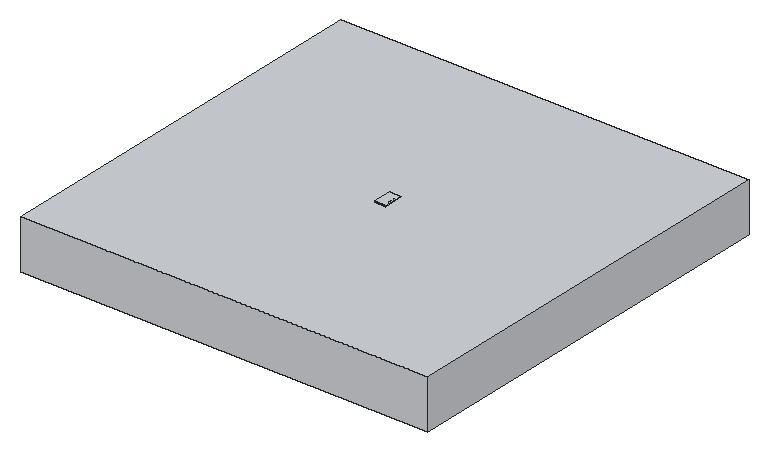
Revit family "M_Saída de dados", category Dispositivos de dados, Revit 2019
Family settings
  Hospedeiro = Face
  Manter orientação da anotação = Sim
  Cota do conector redondo = Utilizar diâmetro
  Tipo de parte = Normal
  Número OmniClass = 23.85.50.17.11
  Título OmniClass = Computer Network Equipment
  ID de item do Seek = Data Outlet-0000-CAN-ENU
  Corte com vazios quando carregada = Não
  Compartilhado = Não
  Ponto de cálculo do ambiente = Não
Parameters (values of type "Simples")
  Legenda = ""
  Elevação-padrão = 460 mm
  Assembly Code = ""
Reference planes
  plane 1 "Centro (Frente/Trás)": y = 0
  plane 2: z = 0
  plane 3 "Centro (Esquerda/Direita)": x = 0
  plane 4 "Esquerda interna": x = -19.05
  plane 5 "Interior à direita": x = 19.05
  plane 6 "Interno superior": y = 38.1
  plane 7 "Inferior interno": y = -38.1
  plane 8 "Esquerda externa": x = -34.925
  plane 9 "Exterior à direita": x = 34.925
  plane 10 "Externo superior": y = 57.15
  plane 11 "Inferior externo": y = -57.15
  plane 12 "Parte frontal": z = 4.762
  plane 13 "Parte posterior": z = -53.975
Forms (mm)
  Extrusion 1, solid
    sketch origin (0, 0, 0) x (1, 0, 0) y (0, 1, 0)
      loop
        line (-1260.826, 1219.2) -> (-1260.826, -1219.2) -> (1219.2, -1219.2) -> (1219.2, 1219.2) -> (-1260.826, 1219.2)
    from 0 to -300
  Extrusion 2, solid
    sketch origin (0, 0, 0) x (1, 0, 0) y (0, 1, 0)
      loop
        line (-19.05, 38.1) -> (-19.05, -38.1) -> (19.05, -38.1) -> (19.05, 38.1) -> (-19.05, 38.1)
    from 0 to -53.975
  Extrusion 3, solid
    sketch origin (0, 0, 0) x (1, 0, 0) y (0, 1, 0)
      loop
        line (-34.925, 57.15) -> (-34.925, -57.15) -> (34.925, -57.15) -> (34.925, 57.15) -> (-34.925, 57.15)
    from 0 to 4.762
Lines and regions (mm)
  symbolic lines, detail levels fine
    curve 1: line (34.925, 0, 4.762) -> (-34.925, 0, 4.762)
    curve 2: line (34.925, 0, 0) -> (34.925, 0, 4.762)
    curve 3: line (-34.925, 0, 0) -> (34.925, 0, 0)
    curve 4: line (-34.925, 0, 4.762) -> (-34.925, 0, 0)
    curve 5: line (19.05, 0, -53.975) -> (-19.05, 0, -53.975)
    curve 6: line (19.05, 0, 0) -> (19.05, 0, -53.975)
    curve 7: line (-19.05, 0, -53.975) -> (-19.05, 0, 0)
Dimensions and locks
  equal spacing: plane 4 "Esquerda interna", plane 3 "Centro (Esquerda/Direita)", plane 5 "Interior à direita"
  locked: plane 4 "Esquerda interna" to plane 5 "Interior à direita" at 38.1
  equal spacing: plane 6 "Interno superior", plane 1 "Centro (Frente/Trás)", plane 7 "Inferior interno"
  locked: plane 6 "Interno superior" to plane 7 "Inferior interno" at 76.2
  equal spacing: plane 8 "Esquerda externa", plane 3 "Centro (Esquerda/Direita)", plane 9 "Exterior à direita"
  locked: plane 8 "Esquerda externa" to plane 9 "Exterior à direita" at 69.85
  equal spacing: plane 10 "Externo superior", plane 1 "Centro (Frente/Trás)", plane 11 "Inferior externo"
  locked: plane 10 "Externo superior" to plane 11 "Inferior externo" at 114.3
  locked: plane 12 "Parte frontal" to plane 2 at 4.763
  locked: plane 2 to plane 13 "Parte posterior" at 53.975
  aligned and locked: plane 2 to Extrusion 1
  aligned and locked: level to Extrusion 1
  aligned and locked: plane 4 "Esquerda interna" to Extrusion 2 sketch curve
  aligned and locked: Extrusion 2 sketch curve to plane 6 "Interno superior"
  aligned and locked: plane 7 "Inferior interno" to Extrusion 2 sketch curve
  aligned and locked: Extrusion 2 sketch curve to plane 5 "Interior à direita"
  aligned and locked: Extrusion 2 to plane 13 "Parte posterior"
  aligned and locked: plane 8 "Esquerda externa" to Extrusion 3 sketch curve
  aligned and locked: Extrusion 3 sketch curve to plane 10 "Externo superior"
  aligned and locked: plane 11 "Inferior externo" to Extrusion 3 sketch curve
  aligned and locked: Extrusion 3 sketch curve to plane 9 "Exterior à direita"
  aligned and locked: plane 12 "Parte frontal" to Extrusion 3
  aligned and locked: level to curve 3
  aligned and locked: curve 1 to plane 12 "Parte frontal"
  aligned and locked: curve 4 to plane 8 "Esquerda externa"
  aligned and locked: plane 9 "Exterior à direita" to curve 2
  aligned and locked: curve 7 to plane 4 "Esquerda interna"
  aligned and locked: plane 5 "Interior à direita" to curve 6
  aligned and locked: plane 13 "Parte posterior" to curve 5
Automatic sketch dimensions
  Extrusion 1 sketch curve to Extrusion 1 sketch curve = 2480.026 mm
  Extrusion 1 sketch curve to Extrusion 1 sketch curve = 2438.4 mm
Nested families
  nested 1: "M_Anotação de dados" at (0, 38.1, 0), type "M_Anotação de dados", detail levels coarse+medium
Connectors
  electrical at (0, 38.1, -26.988)
    settings: on Extrusion 2, index 1, voltage 0 V, apparent load 0 VA, apparent load phase1 0 VA, apparent load phase2 0 VA, apparent load phase3 0 VA, power factor 0, load classification "Outros", number of poles 1, system type 5, power factor state 1, is connector primary yes, connector utility no, sub classification motor no, connector description ""
Definition of nested family "M_Anotação de dados"
  Parameters
    Anotação de legenda = ""
  Reference planes
    plane 1: y = 0
    plane 2: x = 0
  Lines and regions (mm)
    detail lines
      curve 1: line (-1.833, 3.175, 0) -> (1.833, 3.175, 0)
      curve 2: line (1.833, 3.175, 0) -> (0, 0, 0)
      curve 3: line (0, 0, 0) -> (-1.833, 3.175, 0)
  Text (mm)
    label "W" at (1.069, -0.069, 0), shows "Anotação de legenda"
